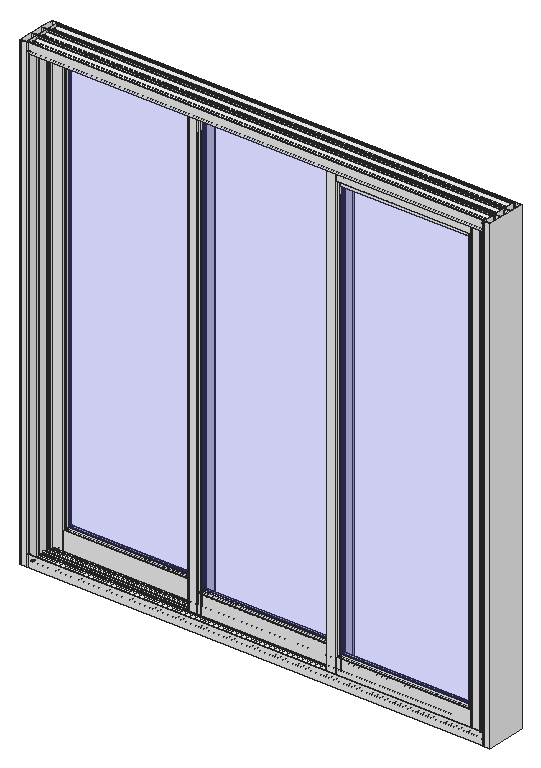
Revit family "Crealco Palace OXX", category Doors, host Wall, Revit 2016 (continued)
Definition of nested family "Palace Triple Track Frame"
  Definition of nested family "Palace Jamb Adpator Cutout 1"
    Automatic sketch dimensions
      plane 4 to Filled region 3 sketch curve = 162.068 mm  (x2)
      plane 3 "Center (Left/Right)" to Filled region 3 sketch curve = 1495.655 mm
      Filled region 3 sketch curve to Filled region 3 sketch curve = 0 mm  (x5)
      plane 4 to Filled region 3 sketch curve = 161.651 mm
      Filled region 3 sketch curve to Filled region 3 sketch curve = 2.5 mm
      plane 4 to Filled region 3 sketch curve = 162.485 mm
      plane 4 to Filled region 4 sketch curve = 161.651 mm  (x2)
      plane 3 "Center (Left/Right)" to Filled region 4 sketch curve = 1554.155 mm
      Filled region 4 sketch curve to Filled region 4 sketch curve = 0 mm  (x4)
      plane 4 to Filled region 4 sketch curve = 162.485 mm
      plane 4 to Filled region 4 sketch curve = 162.068 mm  (x2)
      Filled region 4 sketch curve to Filled region 4 sketch curve = 2.5 mm
      Extrusion 1 sketch curve to plane 4 = 8.946 mm
      Extrusion 1 sketch curve to plane 3 "Center (Left/Right)" = 0.46 mm
      Extrusion 1 sketch curve to Extrusion 1 sketch curve = 0.46 mm  (x2)
      Extrusion 1 sketch curve to Extrusion 1 sketch curve = 1.4 mm
      Extrusion 1 sketch curve to Extrusion 1 sketch curve = 4 mm  (x2)
      Extrusion 1 sketch curve to Extrusion 1 sketch curve = 1.25 mm  (x4)
      Extrusion 1 sketch curve to Extrusion 1 sketch curve = 1 mm  (x3)
      Extrusion 1 sketch curve to Extrusion 1 sketch curve = 1.5 mm  (x2)
      Extrusion 1 sketch curve to Extrusion 1 sketch curve = 0.5 mm  (x7)
      Extrusion 1 sketch curve to Extrusion 1 sketch curve = 4.5 mm  (x2)
      Extrusion 1 sketch curve to plane 5 = 21.704 mm
      Extrusion 1 sketch curve to Extrusion 1 sketch curve = 0.796 mm
      Extrusion 1 sketch curve to plane 1 "Center (Front/Back)" = 5.8 mm
      Extrusion 1 sketch curve to Extrusion 1 sketch curve = 0 mm
      Extrusion 1 sketch curve to Extrusion 1 sketch curve = 1.2 mm  (x4)
      Extrusion 1 sketch curve to Extrusion 1 sketch curve = 1.6 mm  (x4)
      Extrusion 1 sketch curve to Extrusion 1 sketch curve = 2 mm  (x2)
      Extrusion 1 sketch curve to Extrusion 1 sketch curve = 0.946 mm
      Extrusion 1 sketch curve to plane 4 = 5.8 mm  (x2)
  Definition of nested family "Palace Jamb Adpator Cutout 2"
    Parameters (values of type "Palace Jamb Adpator Cutout 2")
      Profile Material [instance] = none
      Jamb Adaptor Length [instance] = 250 mm
      Jamb Adaptor Depth = 61 mm  # constant formula
    Reference planes
      plane 1 "Center (Front/Back)": y = 0
      plane 2: z = 0
      plane 3 "Center (Left/Right)": x = 0
      plane 4: y = 61
      plane 5: y = 30.5
    Forms (mm)
      Extrusion 1, solid, material <- "Profile Material"
        sketch origin (0, 0, 0) x (1, 0, 0) y (0, 1, 0)
          loop
            line (7.65, 5.8) -> (5.4, 5.8) -> (5.4, 1.6) -> (1.4, 1.6) -> (1.4, 59.4) -> (5.4, 59.4) -> (5.4, 55.2) -> (7.65, 55.2)
            arc (7.65, 55.2) -> (8.15, 55.7) -> (7.65, 56.2) r 0.5
            line (7.65, 56.2) -> (6.65, 56.2) -> (6.65, 57.4) -> (8.15, 57.4) -> (8.15, 59) -> (12.65, 59) -> (12.65, 57.4) -> (14.15, 57.4) -> (14.15, 56.2) -> (13.15, 56.2)
            arc (13.15, 56.2) -> (12.65, 55.7) -> (13.15, 55.2) r 0.5
            line (13.15, 55.2) -> (15.4, 55.2) -> (15.4, 61) -> (0, 61) -> (0, 53) -> (-0.46, 52.054) -> (-0.46, 8.796) -> (0, 8) -> (0, 0) -> (15.4, 0) -> (15.4, 5.8) -> (13.15, 5.8)
            arc (13.15, 5.8) -> (12.65, 5.3) -> (13.15, 4.8) r 0.5
            line (13.15, 4.8) -> (14.15, 4.8) -> (14.15, 3.6) -> (12.65, 3.6) -> (12.65, 2) -> (8.15, 2) -> (8.15, 3.6) -> (6.65, 3.6) -> (6.65, 4.8) -> (7.65, 4.8)
            arc (7.65, 4.8) -> (8.15, 5.3) -> (7.65, 5.8) r 0.5
        from 0 to 250 <- "Jamb Adaptor Length"
      Extrusion 2, void
        sketch origin (15.1, 0, 0) x (1, 0, 0) y (0, 0, -1)
          loop
            line (0.3, 0) -> (-13.7, 0) -> (-13.7, -26.2) -> (0.3, -26.2) -> (0.3, 0)
        from 0 to 10
    Cuts and joins
      Extrusion 2 cuts Extrusion 1
    Lines and regions (mm)
      Filled region 1, type "W31590.dwg-1", in view "Ref. Level"
        outline origin (0, 0, 0) x (1, 0, 0) y (0, 1, 0)
          loop
            line (1485.097, 201.05) -> (1485.514, 198.55) -> (1485.931, 201.05) -> (1485.097, 201.05)
      Filled region 2, type "W31590.dwg-1", in view "Ref. Level"
        outline origin (0, 0, 0) x (1, 0, 0) y (0, 1, 0)
          loop
            line (1485.097, 211.45) -> (1485.931, 211.45) -> (1485.514, 213.95) -> (1485.097, 211.45)
      Filled region 3, type "W31590.dwg-1", in view "Ref. Level"
        outline origin (0, 0, 0) x (1, 0, 0) y (0, 1, 0)
          loop
            line (1498.155, 223.485) -> (1495.655, 223.068) -> (1498.155, 222.651) -> (1498.155, 223.485)
      Filled region 4, type "W31590.dwg-1", in view "Ref. Level"
        outline origin (0, 0, 0) x (1, 0, 0) y (0, 1, 0)
          loop
            line (1554.155, 223.485) -> (1554.155, 222.651) -> (1556.655, 223.068) -> (1554.155, 223.485)
    Dimensions and locks
      equal spacing: plane 1 "Center (Front/Back)", plane 5, plane 4
      "Jamb Adaptor Depth": plane 1 "Center (Front/Back)" to plane 4
      Extrusion 2 sketch curve to Extrusion 2 sketch curve = 26.2 mm
      aligned and locked: level to plane 2
      aligned and locked: level to Extrusion 2 sketch curve
    Automatic sketch dimensions
      plane 4 to Filled region 1 sketch curve = 140.05 mm  (x2)
      plane 3 "Center (Left/Right)" to Filled region 1 sketch curve = 1485.097 mm
      Filled region 1 sketch curve to Filled region 1 sketch curve = 0 mm  (x4)
      plane 4 to Filled region 1 sketch curve = 137.55 mm  (x2)
      Filled region 1 sketch curve to Filled region 1 sketch curve = 0.417 mm
      Filled region 1 sketch curve to Filled region 1 sketch curve = 0.833 mm
      plane 4 to Filled region 2 sketch curve = 150.45 mm  (x2)
      plane 3 "Center (Left/Right)" to Filled region 2 sketch curve = 1485.097 mm
      Filled region 2 sketch curve to Filled region 2 sketch curve = 0 mm  (x4)
      plane 4 to Filled region 2 sketch curve = 152.95 mm  (x2)
      Filled region 2 sketch curve to Filled region 2 sketch curve = 0.417 mm
      Filled region 2 sketch curve to Filled region 2 sketch curve = 0.833 mm
      plane 4 to Filled region 3 sketch curve = 162.068 mm  (x2)
      plane 3 "Center (Left/Right)" to Filled region 3 sketch curve = 1495.655 mm
      Filled region 3 sketch curve to Filled region 3 sketch curve = 0 mm  (x5)
      plane 4 to Filled region 3 sketch curve = 161.651 mm
      Filled region 3 sketch curve to Filled region 3 sketch curve = 2.5 mm
      plane 4 to Filled region 3 sketch curve = 162.485 mm
      plane 4 to Filled region 4 sketch curve = 161.651 mm  (x2)
      plane 3 "Center (Left/Right)" to Filled region 4 sketch curve = 1554.155 mm
      Filled region 4 sketch curve to Filled region 4 sketch curve = 0 mm  (x4)
      plane 4 to Filled region 4 sketch curve = 162.485 mm
      plane 4 to Filled region 4 sketch curve = 162.068 mm  (x2)
      Filled region 4 sketch curve to Filled region 4 sketch curve = 2.5 mm
      Extrusion 1 sketch curve to plane 4 = 8.946 mm
      Extrusion 1 sketch curve to plane 3 "Center (Left/Right)" = 0.46 mm
      Extrusion 1 sketch curve to Extrusion 1 sketch curve = 0.46 mm  (x2)
      Extrusion 1 sketch curve to Extrusion 1 sketch curve = 1.4 mm
      Extrusion 1 sketch curve to Extrusion 1 sketch curve = 4 mm  (x2)
      Extrusion 1 sketch curve to Extrusion 1 sketch curve = 1.25 mm  (x4)
      Extrusion 1 sketch curve to Extrusion 1 sketch curve = 1 mm  (x3)
      Extrusion 1 sketch curve to Extrusion 1 sketch curve = 1.5 mm  (x2)
      Extrusion 1 sketch curve to Extrusion 1 sketch curve = 0.5 mm  (x7)
      Extrusion 1 sketch curve to Extrusion 1 sketch curve = 4.5 mm  (x2)
      Extrusion 1 sketch curve to plane 5 = 21.704 mm
      Extrusion 1 sketch curve to Extrusion 1 sketch curve = 0.796 mm
      Extrusion 1 sketch curve to plane 1 "Center (Front/Back)" = 5.8 mm
      Extrusion 1 sketch curve to Extrusion 1 sketch curve = 0 mm
      Extrusion 1 sketch curve to Extrusion 1 sketch curve = 1.2 mm  (x4)
      Extrusion 1 sketch curve to Extrusion 1 sketch curve = 1.6 mm  (x4)
      Extrusion 1 sketch curve to Extrusion 1 sketch curve = 2 mm  (x2)
      Extrusion 1 sketch curve to Extrusion 1 sketch curve = 0.946 mm
      Extrusion 1 sketch curve to plane 4 = 5.8 mm  (x2)
      Extrusion 1 to Extrusion 2 sketch curve = 0 mm
      Extrusion 2 sketch curve to Extrusion 2 sketch curve = 14 mm
Definition of nested family "Palace Sash"
  Parameters (values of type "Palace Sash")
    Single Glazing [instance] = not(Double Glazing)  # yes
    Sill Thickness = 85 mm  # constant formula
    Sill Length [instance] = Sash Width - Head Sill Side 1 Gap - Head Sill Side 2 Gap  # 880 mm
    Side 2 Meeting Stile [instance] = no
    Side 2 Jamb [instance] = yes
    Side 2 Interlock 2 HD [instance] = no
    Side 2 Interlock 2 [instance] = no
    Side 2 Interlock 1 HD [instance] = no
    Side 2 Interlock 1 [instance] = no
    Side 2 Astragal HD [instance] = no
    Side 2 Astragal [instance] = no
    Side 1 Meeting Stile [instance] = no
    Side 1 Jamb [instance] = yes
    Side 1 Interlock 2 HD [instance] = no
    Side 1 Interlock 2 [instance] = no
    Side 1 Interlock 1 HD [instance] = no
    Side 1 Interlock 1 [instance] = no
    Side 1 Astragal HD [instance] = no
    Side 1 Astragal [instance] = no
    Sash Width [instance] = 1000 mm
    Sash Thickness = 44 mm  # constant formula
    Sash Height [instance] = 1000 mm
    Right Sliding [instance] = yes
    Profile Material [instance] = none
    Left Sliding [instance] = no
    Jamb Length [instance] = Sash Height  # 1000 mm
    Head Thickness = 50 mm  # constant formula
    Head Sill Side 2 Gap [instance] = if(Side 2 Jamb, 60 mm, if(Side 2 Meeting Stile, 52 mm, 40 mm))  # 60 mm
    Head Sill Side 1 Gap [instance] = if(Side 1 Jamb, 60 mm, if(Side 1 Meeting Stile, 52 mm, 40 mm))  # 60 mm
    Head Length [instance] = Sash Width - Head Sill Side 1 Gap - Head Sill Side 2 Gap  # 880 mm
    Glazing Width [instance] = Sash Width - Head Sill Side 1 Gap - Head Sill Side 2 Gap - (2 * Glazing Gap)  # 870 mm
    Glazing Thickness [instance] = 4 mm
    Glazing Offset [instance] = if(Double Glazing, 22.2 mm, 14.3 mm)  # 14.3 mm
    Glazing Material [instance] = none
    Glazing Height [instance] = Sash Height - Head Thickness - Sill Thickness - (2 * Glazing Gap)  # 855 mm
    Glazing Gap = 5 mm  # constant formula
    Double Glazing [instance] = no
    DG Thickness [instance] = if(Glazing Thickness < 14 mm, 14 mm, Glazing Thickness)  # 14 mm
  Reference planes
    plane 1 "Center (Front/Back)": y = 0
    plane 2: z = 0
    plane 3 "Center (Left/Right)": x = 0
    plane 4: x = -500
    plane 5: y = 22
    plane 6: y = -22
    plane 7: x = 500
    plane 8: z = 1000
    plane 9: z = 500
    plane 10: x = 440
    plane 11: x = -440
    plane 12: z = 85
    plane 13: z = 950
    plane 14: x = -435
    plane 15: x = 435
    plane 16: y = -7.7
    plane 17: z = 945
    plane 18: z = 90
  Forms (mm)
    Sweep 1, solid, material <- "Profile Material", visible <- "Double Glazing"
      path origin (0, 0, 0) x (1, 0, 0) y (0, 0, 1)
        loop
          line (-440, 950) -> (-440, 85) -> (440, 85) -> (440, 950) -> (-440, 950)
      profile origin (0, 0, 950) x (0, 0, 1) y (0, -1, 0)
        loop
          line (-1.6, -17.805) -> (-7.5, -17.805) -> (-7.5, -14.705) -> (-9.35, -14.705)
          arc (-9.35, -14.705) -> (-9.75, -15.105) -> (-9.35, -15.505) r 0.4
          line (-9.35, -15.505) -> (-8.55, -15.505) -> (-8.55, -17.805) -> (-13.95, -17.805) -> (-13.95, -15.505) -> (-13.15, -15.505)
          arc (-13.15, -15.505) -> (-12.75, -15.105) -> (-13.15, -14.705) r 0.4
          line (-13.15, -14.705) -> (-15, -14.705) -> (-15, -19.405) -> (0, -19.405) -> (0, -11.805) -> (1.387, -11.805) -> (1.387, -12.605)
          arc (1.387, -12.605) -> (2.102, -12.316) -> (2.4, -11.605) r 1
          line (2.4, -11.605) -> (2.4, 3.595)
          arc (2.4, 3.595) -> (1.9, 4.095) -> (1.4, 3.595) r 0.5
          line (1.4, 3.595) -> (1.4, 0.595) -> (0.4, 0.595) -> (0.4, -10.405) -> (-1.6, -10.405) -> (-1.6, -17.805)
    Sweep 2, solid, material <- "Profile Material", visible <- "Single Glazing"
      path origin (-440, 19.405, 950) x (1, 0, 0) y (0, 0, -1)
        loop
          line (880, 0) -> (880, 865) -> (0, 865) -> (0, 0) -> (880, 0)
      profile origin (0, 19.405, 950) x (0, 0, 1) y (0, 1, 0)
        loop
          line (-7.999, -19.799) -> (-8.799, -19.799) -> (-8.799, -20.599) -> (1.4, -20.599) -> (1.4, -23.099)
          arc (1.4, -23.099) -> (1.9, -23.599) -> (2.4, -23.099) r 0.5
          line (2.4, -23.099) -> (2.4, -20.299)
          arc (2.4, -20.299) -> (2.165, -19.733) -> (1.6, -19.499) r 0.8
          line (1.6, -19.499) -> (-6.899, -19.499) -> (-6.899, -18.099) -> (-9.421, -15.577) -> (-1.1, -7.256) -> (-1.1, -8.2)
          arc (-1.1, -8.2) -> (-0.953, -8.554) -> (-0.6, -8.7) r 0.5
          line (-0.6, -8.7) -> (2.4, -8.7) -> (2.4, -7.776)
          arc (2.4, -7.776) -> (2.107, -7.069) -> (1.4, -6.776) r 1
          line (1.4, -6.776) -> (1.4, -7.6) -> (0, -7.6) -> (0, -5.394) -> (-0.793, -5.394) -> (-14.999, -19.599) -> (-14.999, -20.599) -> (-10.599, -20.599) -> (-10.599, -19.799) -> (-11.399, -19.799) -> (-12.521, -18.677) -> (-10.199, -16.355) -> (-7.999, -18.555) -> (-7.999, -19.799)
  Lines and regions (mm)
    model lines, visible <- "Double Glazing"
      curve 1: line (425, 19.405, 100) -> (425, 19.405, 85)
      curve 2: line (-425, 19.405, 100) -> (-425, 19.405, 85)
      curve 3: line (-425, 19.405, 935) -> (-425, 19.405, 950)
      curve 4: line (425, 19.405, 935) -> (425, 19.405, 950)
    model lines, visible <- "Single Glazing"
      curve 5: line (439.207, 14.011, 949.207) -> (440, 14.011, 950)
      curve 6: line (-439.207, 14.011, 949.207) -> (-440, 14.011, 950)
      curve 7: line (-439.207, 14.011, 85.793) -> (-440, 14.011, 85)
      curve 8: line (439.207, 14.011, 85.793) -> (440, 14.011, 85)
  Dimensions and locks
    equal spacing: plane 6, plane 1 "Center (Front/Back)", plane 5
    "Sash Thickness": plane 6 to plane 5
    equal spacing: plane 8, plane 9, level
    "Sash Height": plane 8 to level
    equal spacing: plane 4, plane 3 "Center (Left/Right)", plane 7
    "Sash Width": plane 4 to plane 7
    "Head Sill Side 1 Gap": plane 4 to plane 11
    "Head Sill Side 2 Gap": plane 10 to plane 7
    "Sill Thickness": plane 12 to plane 2
    "Head Thickness": plane 8 to plane 13
    "Glazing Gap": plane 15 to plane 10
    "Glazing Gap": plane 11 to plane 14
    "Glazing Offset": plane 16 to plane 6
    "Glazing Gap": plane 18 to plane 12
    "Glazing Gap": plane 13 to plane 17
    plane 1 "Center (Front/Back)" to nested 5 = 7.7 mm
    aligned and locked: level to plane 2
    aligned and locked: plane 2 to nested 1
    aligned and locked: plane 1 "Center (Front/Back)" to nested 1
    aligned and locked: plane 10 to nested 1
    aligned and locked: nested 3 to plane 1 "Center (Front/Back)"
    aligned and locked: plane 1 "Center (Front/Back)" to nested 2
    aligned and locked: plane 11 to nested 2
    aligned and locked: plane 10 to nested 3
    aligned and locked: plane 2 to nested 3
    aligned and locked: nested 2 to plane 2
    aligned and locked: nested 4 to plane 8
    aligned and locked: plane 1 "Center (Front/Back)" to nested 4
    aligned and locked: plane 11 to nested 4
    aligned and locked: plane 11 to Sweep 1 sketch curve
    aligned and locked: Sweep 1 sketch curve to plane 13
    aligned and locked: Sweep 1 sketch curve to plane 10
    aligned and locked: plane 12 to Sweep 1 sketch curve
    aligned and locked: Sweep 2 sketch curve to plane 10
    aligned and locked: Sweep 2 sketch curve to plane 13
    aligned and locked: plane 11 to Sweep 2 sketch curve
    aligned and locked: plane 12 to Sweep 2 sketch curve
    aligned and locked: nested 5 to plane 16
    aligned and locked: nested 5 to plane 14
    aligned and locked: plane 17 to nested 5
    aligned and locked: nested 6 to plane 14
    aligned and locked: plane 17 to nested 6
    aligned and locked: plane 16 to nested 6
  Automatic sketch dimensions
    profile plane to Sweep 1 sketch curve = 15 mm
    Sweep 1 sketch curve to Sweep 1 sketch curve = 1.05 mm  (x2)
    Sweep 1 sketch curve to Sweep 1 sketch curve = 0.8 mm  (x2)
    Sweep 1 sketch curve to Sweep 1 sketch curve = 3.8 mm
    Sweep 1 sketch curve to Sweep 1 sketch curve = 5.9 mm
    Sweep 1 sketch curve to Sweep 1 sketch curve = 1.6 mm  (x3)
    Sweep 1 sketch curve to Sweep 1 sketch curve = 0.4 mm  (x3)
    Sweep 1 sketch curve to Sweep 1 sketch curve = 1.387 mm
    Sweep 1 sketch curve to Sweep 1 sketch curve = 1 mm
    Sweep 1 sketch curve to Sweep 1 sketch curve = 0.012 mm
    Sweep 1 sketch curve to Sweep 1 sketch curve = 0.5 mm
    Sweep 1 sketch curve to plane 1 "Center (Front/Back)" = 19.405 mm
    Sweep 1 sketch curve to Sweep 1 sketch curve = 2.3 mm  (x2)
    Sweep 1 sketch curve to Sweep 1 sketch curve = 5.2 mm
    Sweep 1 sketch curve to Sweep 1 sketch curve = 0.2 mm
    Sweep 1 sketch curve to Sweep 1 sketch curve = 1.4 mm
    Sweep 1 sketch curve to Sweep 1 sketch curve = 11 mm
    Sweep 1 sketch curve to Sweep 1 sketch curve = 3 mm
    curve 3 to Sweep 1 = 0 mm  (x2)
    Sweep 1 to curve 3 = 0 mm
    curve 2 to Sweep 1 = 0 mm  (x3)
    curve 1 to Sweep 1 = 0 mm  (x3)
    curve 4 to Sweep 1 = 0 mm  (x3)
    profile plane to Sweep 2 sketch curve = 14.999 mm
    Sweep 2 sketch curve to Sweep 2 sketch curve = 2.478 mm
    Sweep 2 sketch curve to Sweep 2 sketch curve = 1.122 mm  (x2)
    Sweep 2 sketch curve to Sweep 2 sketch curve = 0.8 mm  (x4)
    Sweep 2 sketch curve to Sweep 2 sketch curve = 2.322 mm
    Sweep 2 sketch curve to Sweep 2 sketch curve = 0.778 mm  (x2)
    Sweep 2 sketch curve to Sweep 2 sketch curve = 1.8 mm
    Sweep 2 sketch curve to Sweep 2 sketch curve = 1.1 mm
    Sweep 2 sketch curve to Sweep 2 sketch curve = 8.321 mm
    Sweep 2 sketch curve to Sweep 2 sketch curve = 0.307 mm
    Sweep 2 sketch curve to Sweep 2 sketch curve = 0.5 mm  (x2)
    Sweep 2 sketch curve to Sweep 2 sketch curve = 0.6 mm
    Sweep 2 sketch curve to Sweep 2 sketch curve = 8.299 mm
    Sweep 2 sketch curve to Sweep 2 sketch curve = 1.4 mm
    Sweep 2 sketch curve to Sweep 2 sketch curve = 0.2 mm
    Sweep 2 sketch curve to Sweep 2 sketch curve = 1 mm  (x2)
    Sweep 2 sketch curve to profile plane = 23.099 mm
    Sweep 2 sketch curve to Sweep 2 sketch curve = 2.5 mm
    Sweep 2 sketch curve to Sweep 2 sketch curve = 0 mm
    Sweep 2 sketch curve to Sweep 2 sketch curve = 0.3 mm
    Sweep 2 sketch curve to Sweep 2 sketch curve = 0.456 mm
    Sweep 2 sketch curve to Sweep 2 sketch curve = 1.444 mm
    Sweep 2 sketch curve to Sweep 2 sketch curve = 0.924 mm
    Sweep 2 sketch curve to Sweep 2 sketch curve = 0.176 mm
    Sweep 2 sketch curve to Sweep 2 sketch curve = 1.862 mm
    curve 5 to Sweep 2 = 0 mm  (x3)
    Sweep 2 to curve 5 = 0 mm
    curve 8 to Sweep 2 = 0 mm  (x4)
    curve 7 to Sweep 2 = 0 mm  (x4)
    curve 6 to Sweep 2 = 0 mm  (x3)
    Sweep 2 to curve 6 = 0 mm
  Nested families
    nested 1: "Palace Sash Sill" at (-440, 0, 0), Sill Length <- "Sill Length", Profile Material <- "Profile Material", type "Palace Sash Sill"
      with Sill Length 880 mm, Profile Material none
    nested 2: "Palace Sash Jamb" at (-440, 0, 0), Profile Material <- "Profile Material", Jamb Length <- "Jamb Length", Astragal <- "Side 1 Astragal", Astragal HD <- "Side 1 Astragal HD", Interlock 1 <- "Side 1 Interlock 1", Interlock 1 HD <- "Side 1 Interlock 1 HD", Interlock 2 <- "Side 1 Interlock 2", Interlock 2 HD <- "Side 1 Interlock 2 HD", Jamb <- "Side 1 Jamb", Meeting Stile <- "Side 1 Meeting Stile", type "Palace Sash Jamb"
      with Profile Material none, Meeting Stile Width 50 mm, Meeting Stile Depth 44 mm, Meeting Stile no, Jamb Length 1000 mm, Jamb yes, Interlock 2 HD no, Interlock 2 no, Interlock 1 HD no, Interlock 1 no, Astragal HD no, Astragal no
    nested 3: "Palace Sash Jamb" at (440, 0, 0) x (-1, 0, 0) z (0, 0, 1), Profile Material <- "Profile Material", Jamb Length <- "Jamb Length", Astragal <- "Side 2 Astragal", Astragal HD <- "Side 2 Astragal HD", Interlock 1 <- "Side 2 Interlock 1", Interlock 1 HD <- "Side 2 Interlock 1 HD", Interlock 2 <- "Side 2 Interlock 2", Interlock 2 HD <- "Side 2 Interlock 2 HD", Jamb <- "Side 2 Jamb", Meeting Stile <- "Side 2 Meeting Stile", type "Palace Sash Jamb"
      with Profile Material none, Meeting Stile Width 50 mm, Meeting Stile Depth 44 mm, Meeting Stile no, Jamb Length 1000 mm, Jamb yes, Interlock 2 HD no, Interlock 2 no, Interlock 1 HD no, Interlock 1 no, Astragal HD no, Astragal no
    nested 4: "Palace Sash Head" at (-440, 0, 950), Profile Material <- "Profile Material", Head Length <- "Head Length", type "Palace Sash Head"
      with Profile Material none, Head Length 880 mm
    nested 5: "Palace Single Glazing" at (-435, -9.7, 90) x (-1, 0, 0) z (0, 0, 1), Glazing Material <- "Glazing Material", Glazing Width <- "Glazing Width", Glazing Thickness SG <- "Glazing Thickness", Glazing Height <- "Glazing Height", visible <- "Single Glazing", Left Sliding <- "Right Sliding", Right Sliding <- "Left Sliding", type "Palace Single Glazing"
      with Right Sliding no, Length Arrow Tip 77.717 mm, Length Arrow 256.467 mm, Left Sliding yes, Is Sliding yes, Glazing Width 870 mm, Glazing Thickness SG 4 mm, Glazing Material none, Glazing Height 855 mm, Double Glazing Gasket Material none, Arrow Tip Length 77.717 mm, Arrow Left Gap 306.767 mm, Arrow Bottom Gap 427.5 mm
    nested 6: "Palace Double Glazing" at (435, -0.7, 90), Glazing Material <- "Glazing Material", visible <- "Double Glazing", Glazing Thickness <- "DG Thickness", Glazing Width <- "Glazing Width", Glazing Height <- "Glazing Height", Left Sliding <- "Right Sliding", Right Sliding <- "Left Sliding", type "Palace Double Glazing"
      with Right Sliding no, Length Arrow Tip 77.717 mm, Length Arrow 256.467 mm, Left Sliding yes, Is Sliding yes, Glazing Width 870 mm, Glazing Thickness DG 1 mm, Glazing Thickness 14 mm, Glazing Material none, Glazing Height 855 mm, Double Glazing Gasket Thickness 12 mm, Double Glazing Gasket Material none, Arrow Tip Length 77.717 mm, Arrow Left Gap 306.767 mm, Arrow Bottom Gap 427.5 mm
  Definition of nested family "Palace Sash Sill"
    Parameters (values of type "Palace Sash Sill")
      Sill Length [instance] = 250 mm
      Sill Depth = 44 mm  # constant formula
      Profile Material [instance] = none
    Reference planes
      plane 1 "Center (Front/Back)": y = 0
      plane 2: z = 0
      plane 3 "Center (Left/Right)": x = 0
      plane 4: y = -22
      plane 5: y = 22
    Forms (mm)
      Extrusion 1, solid, material <- "Profile Material"
        sketch origin (0, 0, 0) x (0, 1, 0) y (0, 0, 1)
          loop
            line (-22, 0) -> (-20.2, 0) -> (-20.2, 2) -> (-17.1, 2) -> (-17.1, 3.6) -> (-20.21, 3.6) -> (-20.21, 16.117) -> (-19.7, 17.08) -> (-19.7, 20) -> (19.696, 20) -> (19.696, 17.015) -> (20.25, 15.967) -> (20.25, 3.6) -> (17.1, 3.6) -> (17.1, 2) -> (20.2, 2) -> (20.2, 0) -> (22, 0) -> (22, 85) -> (12.304, 85)
            arc (12.304, 85) -> (11.805, 84.522) -> (12.261, 84.002) r 0.5
            line (12.261, 84.002) -> (13.496, 83.894) -> (13.496, 82.4) -> (-5.004, 82.4) -> (-5.004, 83.763) -> (-2.27, 84.002)
            arc (-2.27, 84.002) -> (-1.814, 84.522) -> (-2.313, 85) r 0.5
            line (-2.313, 85) -> (-15.204, 85) -> (-15.204, 95.9) -> (-15.604, 96.6) -> (-15.604, 98.8) -> (-14.304, 98.8) -> (-14.304, 100) -> (-17.004, 100) -> (-17.004, 85) -> (-22, 85) -> (-22, 0)
          loop
            line (-20.21, 83.2) -> (-20.21, 21.8) -> (20.21, 21.8) -> (20.21, 83.2) -> (15.296, 83.2) -> (15.296, 82)
            arc (15.296, 82) -> (14.885, 81.01) -> (13.896, 80.6) r 1.4
            line (13.896, 80.6) -> (-5.404, 80.6)
            arc (-5.404, 80.6) -> (-6.394, 81.01) -> (-6.804, 82) r 1.4
            line (-6.804, 82) -> (-6.804, 83.2) -> (-20.21, 83.2)
        from 0 to 250 <- "Sill Length"
      Extrusion 2, void
        sketch origin (0, -16.704, 100) x (-1, 0, 0) y (0, 1, 0)
          loop
            line (0, 2.4) -> (-15, 2.4) -> (-15, -0.3) -> (0, -0.3) -> (0, 2.4)
          loop
            line (-250, 2.4) -> (-250, -0.3) -> (-235, -0.3) -> (-235, 2.4) -> (-250, 2.4)
        from 0 to 250
    Cuts and joins
      Extrusion 2 cuts Extrusion 1
    Dimensions and locks
      equal spacing: plane 4, plane 1 "Center (Front/Back)", plane 5
      "Sill Depth": plane 4 to plane 5
      Extrusion 2 sketch curve to Extrusion 2 sketch curve = 15 mm  (x2)
      aligned and locked: level to plane 2
    Automatic sketch dimensions
      Extrusion 1 sketch curve to plane 5 = 44 mm
      Extrusion 1 sketch curve to plane 5 = 42.21 mm
      Extrusion 1 sketch curve to Extrusion 1 sketch curve = 0 mm
      Extrusion 1 sketch curve to Extrusion 1 sketch curve = 0.01 mm
      Extrusion 1 sketch curve to Extrusion 1 sketch curve = 0.51 mm
      Extrusion 1 sketch curve to Extrusion 1 sketch curve = 3.11 mm
      Extrusion 1 sketch curve to Extrusion 1 sketch curve = 3.205 mm
      Extrusion 1 sketch curve to Extrusion 1 sketch curve = 1.4 mm  (x3)
      Extrusion 1 sketch curve to Extrusion 1 sketch curve = 1.8 mm  (x4)
      Extrusion 1 sketch curve to Extrusion 1 sketch curve = 1.3 mm
      Extrusion 1 sketch curve to Extrusion 1 sketch curve = 8.4 mm
      Extrusion 1 sketch curve to Extrusion 1 sketch curve = 0.4 mm  (x3)
      Extrusion 1 sketch curve to Extrusion 1 sketch curve = 2.691 mm
      Extrusion 1 sketch curve to Extrusion 1 sketch curve = 0.044 mm  (x2)
      Extrusion 1 sketch curve to Extrusion 1 sketch curve = 14.53 mm
      Extrusion 1 sketch curve to Extrusion 1 sketch curve = 1.235 mm
      Extrusion 1 sketch curve to Extrusion 1 sketch curve = 34.2 mm
      Extrusion 1 sketch curve to Extrusion 1 sketch curve = 2.596 mm
      Extrusion 1 sketch curve to Extrusion 1 sketch curve = 3.1 mm
      Extrusion 1 sketch curve to Extrusion 1 sketch curve = 4.914 mm
      Extrusion 1 sketch curve to Extrusion 1 sketch curve = 0.05 mm
      level to Extrusion 1 sketch curve = 0 mm  (x2)
      Extrusion 1 sketch curve to Extrusion 1 sketch curve = 2 mm  (x2)
      Extrusion 1 sketch curve to Extrusion 1 sketch curve = 1.6 mm  (x2)
      Extrusion 1 sketch curve to Extrusion 1 sketch curve = 12.367 mm
      Extrusion 1 sketch curve to Extrusion 1 sketch curve = 12.517 mm
      Extrusion 1 sketch curve to Extrusion 1 sketch curve = 1.048 mm
      Extrusion 1 sketch curve to Extrusion 1 sketch curve = 0.963 mm
      Extrusion 1 sketch curve to Extrusion 1 sketch curve = 2.92 mm
      Extrusion 1 sketch curve to Extrusion 1 sketch curve = 58.8 mm
      Extrusion 1 sketch curve to Extrusion 1 sketch curve = 1.2 mm  (x3)
      Extrusion 1 sketch curve to Extrusion 1 sketch curve = 1.363 mm
      Extrusion 1 sketch curve to Extrusion 1 sketch curve = 1.494 mm
      Extrusion 1 sketch curve to Extrusion 1 sketch curve = 0.239 mm
      Extrusion 1 sketch curve to Extrusion 1 sketch curve = 0.108 mm
      Extrusion 1 sketch curve to Extrusion 1 sketch curve = 0.498 mm  (x2)
      Extrusion 1 sketch curve to Extrusion 1 sketch curve = 10.9 mm
      Extrusion 1 sketch curve to Extrusion 1 sketch curve = 0.7 mm
      Extrusion 1 sketch curve to Extrusion 1 sketch curve = 2.2 mm
      Extrusion 2 sketch curve to Extrusion 1 = 0 mm  (x2)
      Extrusion 1 to Extrusion 2 sketch curve = 0 mm  (x4)
  Definition of nested family "Palace Sash Jamb"
    Parameters (values of type "Palace Sash Jamb")
      Meeting Stile Width [instance] = 50 mm  # constant formula
      Profile Material [instance] = none
      Meeting Stile [instance] = yes
      Jamb Length [instance] = 250 mm
      Meeting Stile Depth [instance] = 44 mm  # constant formula
      Jamb [instance] = yes
      Interlock Width = 40 mm  # constant formula
      Interlock 2 HD [instance] = yes
      Interlock 2 [instance] = yes
      Interlock 1 HD [instance] = yes
      Interlock 1 [instance] = yes
      Astragal HD [instance] = yes
      Astragal [instance] = yes
    Reference planes
      plane 1 "Center (Front/Back)": y = 0
      plane 2: z = 0
      plane 3 "Center (Left/Right)": x = 0
      plane 4: y = 22
      plane 5: y = -22
    Forms (mm)
      Extrusion 1, solid, material <- "Profile Material", visible <- "Meeting Stile"
        sketch origin (0, 0, 0) x (1, 0, 0) y (0, 1, 0)
          loop
            arc (-37.2, 15.1) -> (-37.786, 13.686) -> (-39.2, 13.1) r 2
            line (-39.2, 13.1) -> (-43.5, 13.1) -> (-43.5, 11.4) -> (-44.7, 11.4) -> (-44.7, 13.7) -> (-48.2, 13.7) -> (-48.2, -13.7) -> (-44.7, -13.7) -> (-44.7, -11.4) -> (-43.5, -11.4) -> (-43.5, -13.1) -> (-39.2, -13.1)
            arc (-39.2, -13.1) -> (-37.786, -13.686) -> (-37.2, -15.1) r 2
            line (-37.2, -15.1) -> (-37.2, -20.1) -> (-1.8, -20.1) -> (-1.8, -6.8) -> (-3, -6.8)
            arc (-3, -6.8) -> (-3.99, -6.39) -> (-4.4, -5.4) r 1.4
            line (-4.4, -5.4) -> (-4.4, 13.9)
            arc (-4.4, 13.9) -> (-3.99, 14.89) -> (-3, 15.3) r 1.4
            line (-3, 15.3) -> (-1.8, 15.3) -> (-1.8, 20.1) -> (-37.2, 20.1) -> (-37.2, 15.1)
          loop
            line (-39, -15.7) -> (-39, -22) -> (0, -22) -> (0, -17) -> (15, -17) -> (15, -14.3) -> (13.8, -14.3) -> (13.8, -15.6) -> (11.6, -15.6) -> (10.9, -15.2) -> (0, -15.2) -> (0, -2.309)
            arc (0, -2.309) -> (-0.478, -1.809) -> (-0.998, -2.265) r 0.5
            line (-0.998, -2.265) -> (-1.237, -5) -> (-2.6, -5) -> (-2.6, 13.5) -> (-1.106, 13.5) -> (-0.998, 12.265)
            arc (-0.998, 12.265) -> (-0.478, 11.809) -> (0, 12.309) r 0.5
            line (0, 12.309) -> (0, 22) -> (-39, 22) -> (-39, 15.7)
            arc (-39, 15.7) -> (-39.293, 14.993) -> (-40, 14.7) r 1
            line (-40, 14.7) -> (-42.3, 14.7) -> (-42.3, 15.5) -> (-48.5, 15.5)
            arc (-48.5, 15.5) -> (-49.561, 15.061) -> (-50, 14) r 1.5
            line (-50, 14) -> (-50, -14)
            arc (-50, -14) -> (-49.561, -15.061) -> (-48.5, -15.5) r 1.5
            line (-48.5, -15.5) -> (-42.3, -15.5) -> (-42.3, -14.7) -> (-40, -14.7)
            arc (-40, -14.7) -> (-39.293, -14.993) -> (-39, -15.7) r 1
        from 0 to 250 <- "Jamb Length"
      Extrusion 2, solid, material <- "Profile Material", visible <- "Interlock 1"
        sketch origin (0, 0, 0) x (1, 0, 0) y (0, 1, 0)
          loop
            arc (-38.2, 22) -> (-39.473, 21.473) -> (-40, 20.2) r 1.8
            line (-40, 20.2) -> (-40, -20.2)
            arc (-40, -20.2) -> (-39.473, -21.473) -> (-38.2, -22) r 1.8
            line (-38.2, -22) -> (-30.5, -22) -> (-30.5, -29.3)
            arc (-30.5, -29.3) -> (-30.061, -30.361) -> (-29, -30.8) r 1.5
            line (-29, -30.8) -> (-27.5, -30.8)
            arc (-27.5, -30.8) -> (-27, -30.3) -> (-27.5, -29.8) r 0.5
            line (-27.5, -29.8) -> (-28.3, -29.8) -> (-28.3, -28.6) -> (-21.2, -28.6) -> (-21.2, -29.8) -> (-22, -29.8)
            arc (-22, -29.8) -> (-22.5, -30.3) -> (-22, -30.8) r 0.5
            line (-22, -30.8) -> (-19, -30.8) -> (-18.4, -30.3) -> (-9.1, -30.3)
            arc (-9.1, -30.3) -> (-8.501, -29.742) -> (-9.016, -29.106) r 0.6
            line (-9.016, -29.106) -> (-26.28, -26.667)
            arc (-26.28, -26.667) -> (-27.51, -25.998) -> (-28, -24.687) r 2
            line (-28, -24.687) -> (-28, -22) -> (0, -22) -> (0, -17) -> (15, -17) -> (15, -14.3) -> (13.8, -14.3) -> (13.8, -15.6) -> (11.6, -15.6) -> (10.9, -15.2) -> (0, -15.2) -> (0, -2.309)
            arc (0, -2.309) -> (-0.478, -1.809) -> (-0.998, -2.265) r 0.5
            line (-0.998, -2.265) -> (-1.237, -5) -> (-2.6, -5) -> (-2.6, 13.5) -> (-1.106, 13.5) -> (-0.998, 12.265)
            arc (-0.998, 12.265) -> (-0.478, 11.809) -> (0, 12.309) r 0.5
            line (0, 12.309) -> (0, 22) -> (-38.2, 22)
          loop
            arc (-3, -6.8) -> (-3.99, -6.39) -> (-4.4, -5.4) r 1.4
            line (-4.4, -5.4) -> (-4.4, 13.9)
            arc (-4.4, 13.9) -> (-3.99, 14.89) -> (-3, 15.3) r 1.4
            line (-3, 15.3) -> (-1.8, 15.3) -> (-1.8, 20) -> (-38.2, 20) -> (-38.2, -20.2) -> (-1.8, -20.2) -> (-1.8, -6.8) -> (-3, -6.8)
        from 0 to 250 <- "Jamb Length"
      Extrusion 3, solid, material <- "Profile Material", visible <- "Interlock 2"
        sketch origin (0, 0, 0) x (1, 0, 0) y (0, 1, 0)
          loop
            arc (-37.5, 24.687) -> (-37.01, 25.998) -> (-35.78, 26.667) r 2
            line (-35.78, 26.667) -> (-18.516, 29.106)
            arc (-18.516, 29.106) -> (-18.001, 29.742) -> (-18.6, 30.3) r 0.6
            line (-18.6, 30.3) -> (-27.9, 30.3) -> (-28.5, 30.8) -> (-31.5, 30.8)
            arc (-31.5, 30.8) -> (-32, 30.3) -> (-31.5, 29.8) r 0.5
            line (-31.5, 29.8) -> (-30.7, 29.8) -> (-30.7, 28.6) -> (-37.8, 28.6) -> (-37.8, 29.8) -> (-37, 29.8)
            arc (-37, 29.8) -> (-36.5, 30.3) -> (-37, 30.8) r 0.5
            line (-37, 30.8) -> (-38.5, 30.8)
            arc (-38.5, 30.8) -> (-39.561, 30.361) -> (-40, 29.3) r 1.5
            line (-40, 29.3) -> (-40, 22) -> (-40, -20.2)
            arc (-40, -20.2) -> (-39.473, -21.473) -> (-38.2, -22) r 1.8
            line (-38.2, -22) -> (0, -22) -> (0, -17) -> (15, -17) -> (15, -14.3) -> (13.8, -14.3) -> (13.8, -15.6) -> (11.6, -15.6) -> (10.9, -15.2) -> (0, -15.2) -> (0, -2.309)
            arc (0, -2.309) -> (-0.478, -1.809) -> (-0.998, -2.265) r 0.5
            line (-0.998, -2.265) -> (-1.237, -5) -> (-2.6, -5) -> (-2.6, 13.5) -> (-1.106, 13.5) -> (-0.998, 12.265)
            arc (-0.998, 12.265) -> (-0.478, 11.809) -> (0, 12.309) r 0.5
            line (0, 12.309) -> (0, 22) -> (-37.5, 22) -> (-37.5, 24.687)
          loop
            arc (-3, -6.8) -> (-3.99, -6.39) -> (-4.4, -5.4) r 1.4
            line (-4.4, -5.4) -> (-4.4, 13.9)
            arc (-4.4, 13.9) -> (-3.99, 14.89) -> (-3, 15.3) r 1.4
            line (-3, 15.3) -> (-1.8, 15.3) -> (-1.8, 20) -> (-38.2, 20) -> (-38.2, -20.2) -> (-1.8, -20.2) -> (-1.8, -6.8) -> (-3, -6.8)
        from 0 to 250 <- "Jamb Length"
      Extrusion 4, solid, material <- "Profile Material", visible <- "Interlock 2 HD"
        sketch origin (0, 0, 0) x (1, 0, 0) y (0, 1, 0)
          loop
            line (-40, 29.3) -> (-40, -73) -> (0, -73) -> (0, -17) -> (15, -17) -> (15, -14.3) -> (13.8, -14.3) -> (13.8, -15.6) -> (11.6, -15.6) -> (10.9, -15.2) -> (0, -15.2) -> (0, -2.309)
            arc (0, -2.309) -> (-0.478, -1.809) -> (-0.998, -2.265) r 0.5
            line (-0.998, -2.265) -> (-1.237, -5) -> (-2.6, -5) -> (-2.6, 13.5) -> (-1.106, 13.5) -> (-0.998, 12.265)
            arc (-0.998, 12.265) -> (-0.478, 11.809) -> (0, 12.309) r 0.5
            line (0, 12.309) -> (0, 22) -> (-37.5, 22) -> (-37.5, 24.687)
            arc (-37.5, 24.687) -> (-37.01, 25.998) -> (-35.78, 26.667) r 2
            line (-35.78, 26.667) -> (-18.516, 29.106)
            arc (-18.516, 29.106) -> (-18.001, 29.742) -> (-18.6, 30.3) r 0.6
            line (-18.6, 30.3) -> (-27.9, 30.3) -> (-28.5, 30.8) -> (-31.5, 30.8)
            arc (-31.5, 30.8) -> (-32, 30.3) -> (-31.5, 29.8) r 0.5
            line (-31.5, 29.8) -> (-30.7, 29.8) -> (-30.7, 28.6) -> (-37.8, 28.6) -> (-37.8, 29.8) -> (-37, 29.8)
            arc (-37, 29.8) -> (-36.5, 30.3) -> (-37, 30.8) r 0.5
            line (-37, 30.8) -> (-38.5, 30.8)
            arc (-38.5, 30.8) -> (-39.561, 30.361) -> (-40, 29.3) r 1.5
          loop
            line (-2, -22) -> (-38, -22) -> (-38, -68.5) -> (-2, -68.5) -> (-2, -22)
          loop
            arc (-3, -6.8) -> (-3.99, -6.39) -> (-4.4, -5.4) r 1.4
            line (-4.4, -5.4) -> (-4.4, 13.9)
            arc (-4.4, 13.9) -> (-3.99, 14.89) -> (-3, 15.3) r 1.4
            line (-3, 15.3) -> (-1.8, 15.3) -> (-1.8, 20) -> (-38.2, 20) -> (-38.2, -20.2) -> (-1.8, -20.2) -> (-1.8, -6.8) -> (-3, -6.8)
        from 0 to 250 <- "Jamb Length"
      Extrusion 5, solid, material <- "Profile Material", visible <- "Interlock 1 HD"
        sketch origin (0, 0, 0) x (1, 0, 0) y (0, 1, 0)
          loop
            arc (-40, -20.2) -> (-39.473, -21.473) -> (-38.2, -22) r 1.8
            line (-38.2, -22) -> (-30.5, -22) -> (-30.5, -29.3)
            arc (-30.5, -29.3) -> (-30.061, -30.361) -> (-29, -30.8) r 1.5
            line (-29, -30.8) -> (-27.5, -30.8)
            arc (-27.5, -30.8) -> (-27, -30.3) -> (-27.5, -29.8) r 0.5
            line (-27.5, -29.8) -> (-28.3, -29.8) -> (-28.3, -28.6) -> (-21.2, -28.6) -> (-21.2, -29.8) -> (-22, -29.8)
            arc (-22, -29.8) -> (-22.5, -30.3) -> (-22, -30.8) r 0.5
            line (-22, -30.8) -> (-19, -30.8) -> (-18.4, -30.3) -> (-9.1, -30.3)
            arc (-9.1, -30.3) -> (-8.501, -29.742) -> (-9.016, -29.106) r 0.6
            line (-9.016, -29.106) -> (-26.28, -26.667)
            arc (-26.28, -26.667) -> (-27.51, -25.998) -> (-28, -24.687) r 2
            line (-28, -24.687) -> (-28, -22) -> (0, -22) -> (0, -17) -> (15, -17) -> (15, -14.3) -> (13.8, -14.3) -> (13.8, -15.6) -> (11.6, -15.6) -> (10.9, -15.2) -> (0, -15.2) -> (0, -2.309)
            arc (0, -2.309) -> (-0.478, -1.809) -> (-0.998, -2.265) r 0.5
            line (-0.998, -2.265) -> (-1.237, -5) -> (-2.6, -5) -> (-2.6, 13.5) -> (-1.106, 13.5) -> (-0.998, 12.265)
            arc (-0.998, 12.265) -> (-0.478, 11.809) -> (0, 12.309) r 0.5
            line (0, 12.309) -> (0, 73) -> (-40, 73) -> (-40, -20.2)
          loop
            arc (-3, -6.8) -> (-3.99, -6.39) -> (-4.4, -5.4) r 1.4
            line (-4.4, -5.4) -> (-4.4, 13.9)
            arc (-4.4, 13.9) -> (-3.99, 14.89) -> (-3, 15.3) r 1.4
            line (-3, 15.3) -> (-1.8, 15.3) -> (-1.8, 20) -> (-38.2, 20) -> (-38.2, -20.2) -> (-1.8, -20.2) -> (-1.8, -6.8) -> (-3, -6.8)
          loop
            line (-2, 22) -> (-2, 68.5) -> (-38, 68.5) -> (-38, 22) -> (-2, 22)
        from 0 to 250 <- "Jamb Length"
      Extrusion 6, solid, material <- "Profile Material", visible <- "Jamb"
        sketch origin (0, 0, 0) x (1, 0, 0) y (0, 1, 0)
          loop
            arc (-58.2, 22) -> (-59.473, 21.473) -> (-60, 20.2) r 1.8
            line (-60, 20.2) -> (-60, -20.196)
            arc (-60, -20.196) -> (-59.473, -21.468) -> (-58.2, -21.996) r 1.8
            line (-58.2, -21.996) -> (0, -21.996) -> (0, -17) -> (15, -17) -> (15, -14.3) -> (13.8, -14.3) -> (13.8, -15.6) -> (11.6, -15.6) -> (10.9, -15.2) -> (0, -15.2) -> (0, -2.309)
            arc (0, -2.309) -> (-0.478, -1.809) -> (-0.998, -2.265) r 0.5
            line (-0.998, -2.265) -> (-1.237, -5) -> (-2.6, -5) -> (-2.6, 13.5) -> (-1.106, 13.5) -> (-0.998, 12.265)
            arc (-0.998, 12.265) -> (-0.478, 11.809) -> (0, 12.309) r 0.5
            line (0, 12.309) -> (0, 22) -> (-58.2, 22)
          loop
            line (-58.2, -20.196) -> (-54.801, -20.196) -> (-54.801, -17.196) -> (-53.601, -17.196) -> (-53.601, -20.196) -> (-1.8, -20.196) -> (-1.8, -6.8) -> (-3, -6.8)
            arc (-3, -6.8) -> (-3.99, -6.39) -> (-4.4, -5.4) r 1.4
            line (-4.4, -5.4) -> (-4.4, 13.9)
            arc (-4.4, 13.9) -> (-3.99, 14.89) -> (-3, 15.3) r 1.4
            line (-3, 15.3) -> (-1.8, 15.3) -> (-1.8, 20.2) -> (-53.601, 20.2) -> (-53.601, 17.2) -> (-54.801, 17.2) -> (-54.801, 20.2) -> (-58.2, 20.2) -> (-58.2, -20.196)
        from 0 to 250 <- "Jamb Length"
      Extrusion 7, solid, material <- "Profile Material", visible <- "Astragal"
        sketch origin (0, 0, 0) x (1, 0, 0) y (0, 1, 0)
          loop
            line (-53.1, -18) -> (-54.9, -18)
            arc (-54.9, -18) -> (-55.4, -18.5) -> (-54.9, -19) r 0.5
            line (-54.9, -19) -> (-53.9, -19) -> (-53.9, -20.4) -> (-61.4, -20.4) -> (-61.4, -19) -> (-60.4, -19)
            arc (-60.4, -19) -> (-59.9, -18.5) -> (-60.4, -18) r 0.5
            line (-60.4, -18) -> (-61.9, -18)
            arc (-61.9, -18) -> (-62.607, -18.293) -> (-62.9, -19) r 1
            line (-62.9, -19) -> (-62.9, -22) -> (-39.1, -22) -> (-39.1, -20.4) -> (-39.9, -20.4) -> (-39.9, -14.8) -> (-41.5, -14.8) -> (-41.5, -20.4) -> (-49, -20.4)
            arc (-49, -20.4) -> (-49.707, -20.107) -> (-50, -19.4) r 1
            line (-50, -19.4) -> (-50, -16.7) -> (-49.1, -16.7)
            arc (-49.1, -16.7) -> (-48.5, -16.1) -> (-49.1, -15.5) r 0.6
            line (-49.1, -15.5) -> (-50, -15.5) -> (-50, 0) -> (-50, 15.5) -> (-49.1, 15.5)
            arc (-49.1, 15.5) -> (-48.5, 16.1) -> (-49.1, 16.7) r 0.6
            line (-49.1, 16.7) -> (-50, 16.7) -> (-50, 19.4)
            arc (-50, 19.4) -> (-49.707, 20.107) -> (-49, 20.4) r 1
            line (-49, 20.4) -> (-41.5, 20.4) -> (-41.5, 14.8) -> (-39.9, 14.8) -> (-39.9, 20.4) -> (-39.1, 20.4) -> (-39.1, 22) -> (-62.9, 22) -> (-62.9, 19)
            arc (-62.9, 19) -> (-62.607, 18.293) -> (-61.9, 18) r 1
            line (-61.9, 18) -> (-60.4, 18)
            arc (-60.4, 18) -> (-59.9, 18.5) -> (-60.4, 19) r 0.5
            line (-60.4, 19) -> (-61.4, 19) -> (-61.4, 20.4) -> (-53.9, 20.4) -> (-53.9, 19) -> (-54.9, 19)
            arc (-54.9, 19) -> (-55.4, 18.5) -> (-54.9, 18) r 0.5
            line (-54.9, 18) -> (-53.1, 18)
            arc (-53.1, 18) -> (-52.039, 17.561) -> (-51.6, 16.5) r 1.5
            line (-51.6, 16.5) -> (-51.6, 0) -> (-51.6, -16.5)
            arc (-51.6, -16.5) -> (-52.039, -17.561) -> (-53.1, -18) r 1.5
        from 0 to 250 <- "Jamb Length"
      Extrusion 8, solid, material <- "Profile Material", visible <- "Astragal HD"
        sketch origin (0, 0, 0) x (1, 0, 0) y (0, 1, 0)
          loop
            arc (-39.9, 37.2) -> (-41.5, 42) -> (-39.9, 46.8) r 8
            line (-39.9, 46.8) -> (-39.9, 55)
            arc (-39.9, 55) -> (-40.486, 56.414) -> (-41.9, 57) r 2
            line (-41.9, 57) -> (-60.9, 57)
            arc (-60.9, 57) -> (-62.314, 56.414) -> (-62.9, 55) r 2
            line (-62.9, 55) -> (-62.9, 46.8)
            arc (-62.9, 46.8) -> (-61.3, 42) -> (-62.9, 37.2) r 8
            line (-62.9, 37.2) -> (-62.9, 19)
            arc (-62.9, 19) -> (-62.607, 18.293) -> (-61.9, 18) r 1
            line (-61.9, 18) -> (-60.4, 18)
            arc (-60.4, 18) -> (-59.9, 18.5) -> (-60.4, 19) r 0.5
            line (-60.4, 19) -> (-61.4, 19) -> (-61.4, 20.4) -> (-53.9, 20.4) -> (-53.9, 19) -> (-54.9, 19)
            arc (-54.9, 19) -> (-55.4, 18.5) -> (-54.9, 18) r 0.5
            line (-54.9, 18) -> (-53.1, 18)
            arc (-53.1, 18) -> (-52.039, 17.561) -> (-51.6, 16.5) r 1.5
            line (-51.6, 16.5) -> (-51.6, 0) -> (-51.6, -16.5)
            arc (-51.6, -16.5) -> (-52.039, -17.561) -> (-53.1, -18) r 1.5
            line (-53.1, -18) -> (-54.9, -18)
            arc (-54.9, -18) -> (-55.4, -18.5) -> (-54.9, -19) r 0.5
            line (-54.9, -19) -> (-53.9, -19) -> (-53.9, -20.4) -> (-61.4, -20.4) -> (-61.4, -19) -> (-60.4, -19)
            arc (-60.4, -19) -> (-59.9, -18.5) -> (-60.4, -18) r 0.5
            line (-60.4, -18) -> (-61.9, -18)
            arc (-61.9, -18) -> (-62.607, -18.293) -> (-62.9, -19) r 1
            line (-62.9, -19) -> (-62.9, -37.2)
            arc (-62.9, -37.2) -> (-61.3, -42) -> (-62.9, -46.8) r 8
            line (-62.9, -46.8) -> (-62.9, -55)
            arc (-62.9, -55) -> (-62.314, -56.414) -> (-60.9, -57) r 2
            line (-60.9, -57) -> (-41.9, -57)
            arc (-41.9, -57) -> (-40.486, -56.414) -> (-39.9, -55) r 2
            line (-39.9, -55) -> (-39.9, -46.8)
            arc (-39.9, -46.8) -> (-41.5, -42) -> (-39.9, -37.2) r 8
            line (-39.9, -37.2) -> (-39.9, -22) -> (-39.1, -22) -> (-39.1, -20.4) -> (-39.9, -20.4) -> (-39.9, -14.8) -> (-41.5, -14.8) -> (-41.5, -20.4) -> (-49, -20.4)
            arc (-49, -20.4) -> (-49.707, -20.107) -> (-50, -19.4) r 1
            line (-50, -19.4) -> (-50, -16.7) -> (-49.1, -16.7)
            arc (-49.1, -16.7) -> (-48.5, -16.1) -> (-49.1, -15.5) r 0.6
            line (-49.1, -15.5) -> (-50, -15.5) -> (-50, 0) -> (-50, 15.5) -> (-49.1, 15.5)
            arc (-49.1, 15.5) -> (-48.5, 16.1) -> (-49.1, 16.7) r 0.6
            line (-49.1, 16.7) -> (-50, 16.7) -> (-50, 19.4)
            arc (-50, 19.4) -> (-49.707, 20.107) -> (-49, 20.4) r 1
            line (-49, 20.4) -> (-41.5, 20.4) -> (-41.5, 14.8) -> (-39.9, 14.8) -> (-39.9, 20.4) -> (-39.1, 20.4) -> (-39.1, 22) -> (-39.9, 22) -> (-39.9, 37.2)
          loop
            arc (-41.5, 36.693) -> (-43.1, 42) -> (-41.5, 47.307) r 9.6
            line (-41.5, 47.307) -> (-41.5, 52.5)
            arc (-41.5, 52.5) -> (-41.793, 53.207) -> (-42.5, 53.5) r 1
            line (-42.5, 53.5) -> (-60.3, 53.5)
            arc (-60.3, 53.5) -> (-61.007, 53.207) -> (-61.3, 52.5) r 1
            line (-61.3, 52.5) -> (-61.3, 47.307)
            arc (-61.3, 47.307) -> (-59.7, 42) -> (-61.3, 36.693) r 9.6
            line (-61.3, 36.693) -> (-61.3, 22) -> (-41.5, 22) -> (-41.5, 36.693)
          loop
            arc (-41.5, -47.306) -> (-43.1, -42) -> (-41.5, -36.693) r 9.6
            line (-41.5, -36.693) -> (-41.5, -22) -> (-61.3, -22) -> (-61.3, -36.693)
            arc (-61.3, -36.693) -> (-59.7, -42) -> (-61.3, -47.306) r 9.6
            line (-61.3, -47.306) -> (-61.3, -52.5)
            arc (-61.3, -52.5) -> (-61.007, -53.207) -> (-60.3, -53.5) r 1
            line (-60.3, -53.5) -> (-42.5, -53.5)
            arc (-42.5, -53.5) -> (-41.793, -53.207) -> (-41.5, -52.5) r 1
            line (-41.5, -52.5) -> (-41.5, -47.306)
        from 0 to 250 <- "Jamb Length"
    Dimensions and locks
      equal spacing: plane 5, plane 1 "Center (Front/Back)", plane 4
      "Meeting Stile Depth": plane 5 to plane 4
      aligned and locked: level to plane 2
    Automatic sketch dimensions
      Extrusion 1 sketch curve to Extrusion 1 sketch curve = 1.5 mm  (x2)
      Extrusion 1 sketch curve to Extrusion 1 sketch curve = 0.3 mm  (x3)
      Extrusion 1 sketch curve to Extrusion 1 sketch curve = 3.5 mm  (x2)
      Extrusion 1 sketch curve to Extrusion 1 sketch curve = 1.2 mm  (x7)
      Extrusion 1 sketch curve to Extrusion 1 sketch curve = 2.3 mm  (x2)
      Extrusion 1 sketch curve to Extrusion 1 sketch curve = 0.8 mm  (x3)
      Extrusion 1 sketch curve to Extrusion 1 sketch curve = 0.2 mm  (x2)
      Extrusion 1 sketch curve to Extrusion 1 sketch curve = 1.8 mm  (x5)
      Extrusion 1 sketch curve to Extrusion 1 sketch curve = 32.8 mm
      Extrusion 1 sketch curve to Extrusion 1 sketch curve = 1.4 mm  (x2)
      Extrusion 1 sketch curve to Extrusion 1 sketch curve = 0.4 mm  (x4)
      Extrusion 1 sketch curve to Extrusion 1 sketch curve = 1.363 mm
      Extrusion 1 sketch curve to plane 5 = 35.5 mm
      Extrusion 1 sketch curve to Extrusion 1 sketch curve = 1.494 mm
      Extrusion 1 sketch curve to Extrusion 1 sketch curve = 0.108 mm
      Extrusion 1 sketch curve to Extrusion 1 sketch curve = 0.239 mm
      Extrusion 1 sketch curve to Extrusion 1 sketch curve = 0.498 mm  (x2)
      Extrusion 1 sketch curve to Extrusion 1 sketch curve = 0 mm
      Extrusion 1 sketch curve to Extrusion 1 sketch curve = 10.9 mm
      Extrusion 1 sketch curve to Extrusion 1 sketch curve = 0.7 mm
      Extrusion 1 sketch curve to Extrusion 1 sketch curve = 2.2 mm
      Extrusion 1 sketch curve to plane 5 = 35.1 mm
      Extrusion 1 sketch curve to Extrusion 1 sketch curve = 1.191 mm
      Extrusion 1 sketch curve to Extrusion 1 sketch curve = 1.7 mm  (x2)
      Extrusion 1 sketch curve to Extrusion 1 sketch curve = 14.53 mm
      Extrusion 1 sketch curve to Extrusion 1 sketch curve = 2.735 mm
      Extrusion 1 sketch curve to Extrusion 1 sketch curve = 22.8 mm
      Extrusion 1 sketch curve to Extrusion 1 sketch curve = 0.6 mm  (x2)
      Extrusion 1 sketch curve to Extrusion 1 sketch curve = 7.5 mm
      Extrusion 1 sketch curve to Extrusion 1 sketch curve = 0.9 mm
      Extrusion 1 sketch curve to Extrusion 1 sketch curve = 1.3 mm
      Extrusion 1 sketch curve to Extrusion 1 sketch curve = 3.1 mm
      Extrusion 1 sketch curve to Extrusion 1 sketch curve = 1.9 mm  (x2)
      Extrusion 1 sketch curve to Extrusion 1 sketch curve = 4.4 mm
      Extrusion 2 sketch curve to Extrusion 2 sketch curve = 1.8 mm  (x5)
      Extrusion 2 sketch curve to Extrusion 2 sketch curve = 0 mm  (x3)
      Extrusion 2 sketch curve to Extrusion 2 sketch curve = 7.7 mm
      Extrusion 2 sketch curve to Extrusion 2 sketch curve = 1.5 mm
      Extrusion 2 sketch curve to Extrusion 2 sketch curve = 0.7 mm  (x3)
      Extrusion 2 sketch curve to Extrusion 2 sketch curve = 2.5 mm
      Extrusion 2 sketch curve to Extrusion 2 sketch curve = 0.8 mm  (x2)
      Extrusion 2 sketch curve to plane 4 = 48.667 mm
      Extrusion 2 sketch curve to Extrusion 2 sketch curve = 1.72 mm
      Extrusion 2 sketch curve to Extrusion 2 sketch curve = 2 mm
      Extrusion 2 sketch curve to Extrusion 2 sketch curve = 5.5 mm
      Extrusion 2 sketch curve to Extrusion 2 sketch curve = 2.2 mm  (x2)
      Extrusion 2 sketch curve to Extrusion 2 sketch curve = 0.6 mm
      Extrusion 2 sketch curve to Extrusion 2 sketch curve = 9.3 mm
      plane 1 "Center (Front/Back)" to Extrusion 2 sketch curve = 29.106 mm
      Extrusion 2 sketch curve to Extrusion 2 sketch curve = 0.084 mm
      Extrusion 2 sketch curve to plane 4 = 27.4 mm
      Extrusion 2 sketch curve to Extrusion 2 sketch curve = 4.616 mm
      Extrusion 2 sketch curve to Extrusion 2 sketch curve = 1.4 mm  (x2)
      Extrusion 2 sketch curve to Extrusion 2 sketch curve = 0.4 mm  (x3)
      Extrusion 2 sketch curve to plane 4 = 42.2 mm
      Extrusion 2 sketch curve to Extrusion 2 sketch curve = 7.216 mm
      Extrusion 2 sketch curve to Extrusion 2 sketch curve = 1.2 mm  (x2)
      Extrusion 2 sketch curve to Extrusion 2 sketch curve = 1.363 mm
      Extrusion 2 sketch curve to Extrusion 2 sketch curve = 1.494 mm
      Extrusion 2 sketch curve to plane 4 = 9.735 mm
      Extrusion 2 sketch curve to Extrusion 2 sketch curve = 0.108 mm
      Extrusion 2 sketch curve to plane 4 = 24.265 mm
      Extrusion 2 sketch curve to Extrusion 2 sketch curve = 0.239 mm
      Extrusion 2 sketch curve to Extrusion 2 sketch curve = 0.498 mm  (x2)
      Extrusion 2 sketch curve to plane 4 = 37.2 mm
      Extrusion 2 sketch curve to Extrusion 2 sketch curve = 10.9 mm
      Extrusion 2 sketch curve to plane 4 = 37.6 mm
      Extrusion 2 sketch curve to Extrusion 2 sketch curve = 2.633 mm
      Extrusion 2 sketch curve to Extrusion 2 sketch curve = 0.594 mm
      Extrusion 2 sketch curve to Extrusion 2 sketch curve = 0.5 mm  (x3)
      Extrusion 2 sketch curve to plane 4 = 39 mm
      Extrusion 2 sketch curve to Extrusion 2 sketch curve = 1.3 mm
      Extrusion 2 sketch curve to Extrusion 2 sketch curve = 1.235 mm
      Extrusion 2 sketch curve to Extrusion 2 sketch curve = 4.7 mm
      Extrusion 2 sketch curve to Extrusion 2 sketch curve = 0.2 mm
      Extrusion 1 sketch curve to plane 3 "Center (Left/Right)" = 50 mm
      Extrusion 2 sketch curve to plane 3 "Center (Left/Right)" = 40 mm
      Extrusion 3 sketch curve to plane 4 = 0 mm  (x2)
      plane 5 to Extrusion 3 sketch curve = 0 mm
      Extrusion 3 sketch curve to plane 3 "Center (Left/Right)" = 0 mm  (x3)
      Extrusion 3 sketch curve to Extrusion 3 sketch curve = 0.5 mm  (x3)
      Extrusion 3 sketch curve to plane 3 "Center (Left/Right)" = 0.5 mm
      Extrusion 3 sketch curve to Extrusion 3 sketch curve = 0.498 mm  (x2)
      Extrusion 3 sketch curve to plane 3 "Center (Left/Right)" = 1.106 mm
      Extrusion 3 sketch curve to plane 3 "Center (Left/Right)" = 1.237 mm
      Extrusion 3 sketch curve to plane 3 "Center (Left/Right)" = 1.8 mm  (x2)
      Extrusion 3 sketch curve to Extrusion 3 sketch curve = 1.494 mm
      Extrusion 3 sketch curve to Extrusion 3 sketch curve = 1.2 mm  (x4)
      Extrusion 3 sketch curve to Extrusion 3 sketch curve = 1.4 mm  (x2)
      Extrusion 3 sketch curve to plane 3 "Center (Left/Right)" = 18.516 mm
      Extrusion 3 sketch curve to Extrusion 3 sketch curve = 0.084 mm
      plane 4 to Extrusion 3 sketch curve = 8.3 mm
      Extrusion 3 sketch curve to Extrusion 3 sketch curve = 9.3 mm
      Extrusion 3 sketch curve to Extrusion 3 sketch curve = 0.6 mm
      Extrusion 3 sketch curve to Extrusion 3 sketch curve = 2.2 mm  (x2)
      Extrusion 3 sketch curve to Extrusion 3 sketch curve = 0.8 mm  (x2)
      plane 4 to Extrusion 3 sketch curve = 2.687 mm
      Extrusion 3 sketch curve to Extrusion 3 sketch curve = 4.8 mm
      plane 4 to Extrusion 3 sketch curve = 4.667 mm
      Extrusion 3 sketch curve to Extrusion 3 sketch curve = 0.28 mm
      Extrusion 3 sketch curve to Extrusion 3 sketch curve = 1.22 mm
      Extrusion 3 sketch curve to plane 5 = 1.8 mm
      Extrusion 3 sketch curve to Extrusion 3 sketch curve = 36.4 mm
      Extrusion 3 sketch curve to Extrusion 3 sketch curve = 0 mm
      Extrusion 3 sketch curve to Extrusion 3 sketch curve = 0.7 mm  (x3)
      Extrusion 3 sketch curve to Extrusion 3 sketch curve = 1.5 mm
      plane 3 "Center (Left/Right)" to Extrusion 3 sketch curve = 10.9 mm
      Extrusion 3 sketch curve to Extrusion 3 sketch curve = 3.2 mm
      Extrusion 3 sketch curve to Extrusion 3 sketch curve = 0.4 mm  (x3)
      Extrusion 3 sketch curve to Extrusion 3 sketch curve = 1.3 mm
      plane 1 "Center (Front/Back)" to Extrusion 3 sketch curve = 6.8 mm
      plane 1 "Center (Front/Back)" to Extrusion 3 sketch curve = 2.309 mm
      Extrusion 3 sketch curve to plane 4 = 9.735 mm
      Extrusion 3 sketch curve to Extrusion 3 sketch curve = 1.235 mm
      Extrusion 3 sketch curve to plane 4 = 2 mm
      Extrusion 3 sketch curve to Extrusion 3 sketch curve = 1.933 mm
      Extrusion 3 sketch curve to Extrusion 3 sketch curve = 1.194 mm
      plane 5 to Extrusion 4 sketch curve = 51 mm
      Extrusion 4 sketch curve to plane 3 "Center (Left/Right)" = 40 mm
      Extrusion 4 sketch curve to Extrusion 4 sketch curve = 1.5 mm
      Extrusion 4 sketch curve to plane 4 = 42.2 mm
      Extrusion 4 sketch curve to Extrusion 4 sketch curve = 0.3 mm
      Extrusion 4 sketch curve to Extrusion 4 sketch curve = 2 mm  (x3)
      Extrusion 4 sketch curve to Extrusion 4 sketch curve = 0.7 mm  (x4)
      Extrusion 4 sketch curve to Extrusion 4 sketch curve = 0.8 mm  (x2)
      Extrusion 4 sketch curve to Extrusion 4 sketch curve = 1.72 mm
      Extrusion 4 sketch curve to Extrusion 4 sketch curve = 5.5 mm
      Extrusion 4 sketch curve to Extrusion 4 sketch curve = 2.2 mm  (x2)
      Extrusion 4 sketch curve to Extrusion 4 sketch curve = 0.6 mm
      Extrusion 4 sketch curve to Extrusion 4 sketch curve = 9.3 mm
      plane 4 to Extrusion 4 sketch curve = 7.106 mm
      Extrusion 4 sketch curve to Extrusion 4 sketch curve = 0.084 mm
      Extrusion 4 sketch curve to plane 4 = 27.4 mm
      Extrusion 4 sketch curve to Extrusion 4 sketch curve = 33.8 mm
      Extrusion 4 sketch curve to Extrusion 4 sketch curve = 1.4 mm  (x3)
